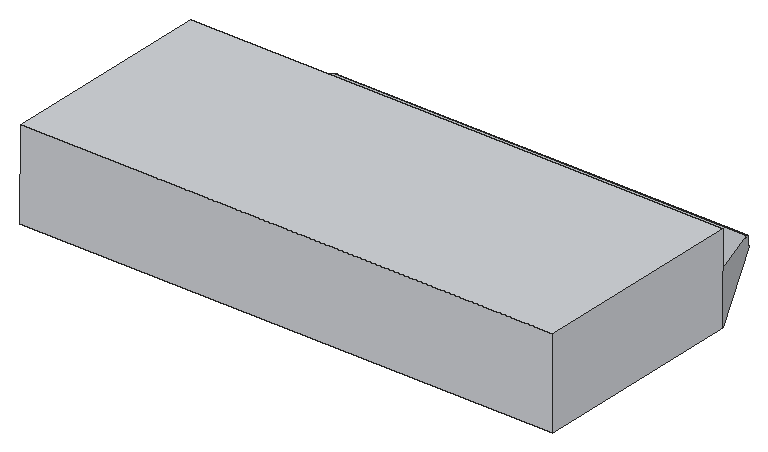
Revit family "d0f1b73f6f194677b4d9c3ee960c2932", category Air Terminals, Revit 2021
Family settings
  Round Connector Dimension = Use Diameter
  Part Type = Normal
  OmniClass Number = 23.40.40.14.21.11
  OmniClass Title = Food Service Hoods
  Seek Item ID = Range Hood - Ductless-0000-USA-ENU
  Work Plane-Based = No
  Always vertical = Yes
  Cut with Voids When Loaded = No
  Shared = No
  Room Calculation Point = No
Parameters (values of type "30"x12"")
  Voltage = 120 V
  Pressure Drop [instance] = 0.20 in-wg
  Number of Poles = 1
  Load Classification = Cooling
  Hood Material = none
  Hood Length = 2' - 6"
  Half Hood Length = 0.5 * Hood Length  # 1' - 3"
  Default Elevation = 0' - 0"
  C1 Offset 2 = 0' - 5 11/16"
  C1 Offset 1 = 0' - 5 1/8"
  Apparent Load [instance] = 252 VA
  Air Flow [instance] = 180 CFM
Types (3): name | Pressure Drop | Hood Length | Half Hood Length
  (no name) | 0.20 in-wg | 2' - 6" | 1' - 3"
  30"x12" | 0.20 in-wg | 2' - 6" | 1' - 3"
  36"x12" | 0.00 in-wg | 3' - 0" | 1' - 6"
Reference planes (in)
  plane 1 "Center (Front/Back)": y = 0
  plane 2: z = 0
  plane 3 "Center (Left/Right)": x = 0
  plane 4: z = 5
  plane 5: y = -6
  plane 6: y = 6
  plane 7: x = -15
  plane 8: x = 15
  plane 9: z = 3
  plane 10: y = 12.375
  plane 11: y = 11.625
  plane 12: z = 0.1875
Forms (in)
  Extrusion 1, solid, material <- "Hood Material"
    sketch origin (0, 0, 0) x (0, 1, 0) y (0, 0, 1)
      loop
        line (6, 0) -> (6, 5) -> (-6, 5) -> (-6, 0) -> (6, 0)
    from -15 to 15
  Extrusion 2, solid, material <- "Hood Material"
    sketch origin (0, 0, 0) x (0, 1, 0) y (0, 0, 1)
      loop
        line (12.375, 0) -> (12.375, 0.1875)
        arc (12.375, 0.1875) -> (12.2383, 0.6192) -> (11.87802, 0.89353) r 0.75
        line (11.87802, 0.89353) -> (6, 3) -> (6, 0) -> (12.375, 0)
    from -15 to 15
  Extrusion 3, void
    sketch origin (0, 0, 0) x (1, 0, 0) y (0, 1, 0)
      loop
        line (-15, 6) -> (-11.31939, 12.375) -> (-15, 12.375) -> (-15, 6)
      loop
        line (15, 6) -> (15, 12.375) -> (11.31939, 12.375) -> (15, 6)
    from 0 to 5
Cuts and joins
  Extrusion 3 cuts Extrusion 1
  Extrusion 3 cuts Extrusion 2
  joined: Extrusion 1, Extrusion 2
Dimensions and locks (in)
  locked: plane 4 to plane 2 at 5
  locked: plane 6 to plane 1 "Center (Front/Back)" at 6
  locked: plane 1 "Center (Front/Back)" to plane 5 at 6
  "Half Hood Length": plane 7 to plane 3 "Center (Left/Right)"
  locked: plane 9 to plane 2 at 3
  locked: plane 10 to plane 6 at 6.375
  locked: plane 10 to plane 11 at 0.75
  plane 4 to plane 2 = 0' - 5"
  "C1 Offset 2": connector elem to plane 7
  locked: plane 12 to plane 2 at 0.1875
  "C1 Offset 1": connector elem to plane 1 "Center (Front/Back)"
  "Hood Length": plane 7 to plane 8
  radius of Extrusion 2 sketch curve = 0' - 0 3/4"
  locked: Extrusion 3 sketch curve to Extrusion 2 (angle 30.00°)
  locked: Extrusion 2 to Extrusion 3 sketch curve (angle 30.00°)
  aligned and locked: Extrusion 1 sketch curve to plane 6
  aligned and locked: plane 5 to Extrusion 1 sketch curve
  aligned and locked: Extrusion 1 to plane 7
  aligned and locked: Extrusion 1 to plane 8
  aligned and locked: plane 6 to Extrusion 2 sketch curve  (x2)
  aligned and locked: Extrusion 2 sketch curve to plane 2
  aligned and locked: plane 10 to Extrusion 2 sketch curve
  aligned and locked: Extrusion 2 to Extrusion 1
  aligned and locked: Extrusion 1 to Extrusion 2
  aligned and locked: plane 10 to Extrusion 3 sketch curve
  aligned and locked: plane 7 to Extrusion 3 sketch curve  (x2)
  aligned and locked: plane 6 to Extrusion 3 sketch curve  (x2)
  aligned and locked: Extrusion 3 sketch curve to plane 8
  aligned and locked: Extrusion 3 sketch curve to plane 10
  aligned and locked: plane 8 to Extrusion 3 sketch curve
  aligned and locked: Extrusion 3 to plane 2
  aligned and locked: plane 4 to Extrusion 3
  aligned and locked: plane 11 to Extrusion 2 sketch curve
  aligned and locked: plane 12 to Extrusion 2 sketch curve  (x2)
  aligned and locked: plane 9 to Extrusion 2 sketch curve
Automatic sketch dimensions
  Extrusion 1 sketch curve to level = 0' - 0"
  Extrusion 1 sketch curve to plane 4 = 0' - 0"
  Extrusion 2 sketch curve to plane 11 = 0' - 0.25302"
  Extrusion 2 sketch curve to Extrusion 2 sketch curve = 0' - 0"
Connectors (in)
  hvac at (0, 0, 5), driven by "Pressure Drop", driven by "Air Flow"
    settings: on cut or joined group of Extrusion 1, Extrusion 2, Extrusion 3, index 1, duct flow 180 CFM, flow factor 0, pres drop 0.20 in-wg, loss coef 0, conn angle 0.00°, conn width 12", conn height 12", conn diameter 10", duct sys type 3, conn prof type 0, flow config 1, flow direction 2, loss method 4, conn ref index -1, conn util no, is conn primary yes, conn desc ""
  electrical at (-9.3125, -5.125, 5), driven by "Apparent Load", driven by "Voltage", driven by "Number of Poles", driven by "Load Classification"
    settings: on plane 4, index 2, voltage 120 V, apparent load 252 VA, apparent load phase1 0 VA, apparent load phase2 0 VA, apparent load phase3 0 VA, power factor 0.8, load classification "Cooling", number of poles 1, system type 30, power factor state 1, is connector primary yes, connector utility no, sub classification motor no, connector description ""
